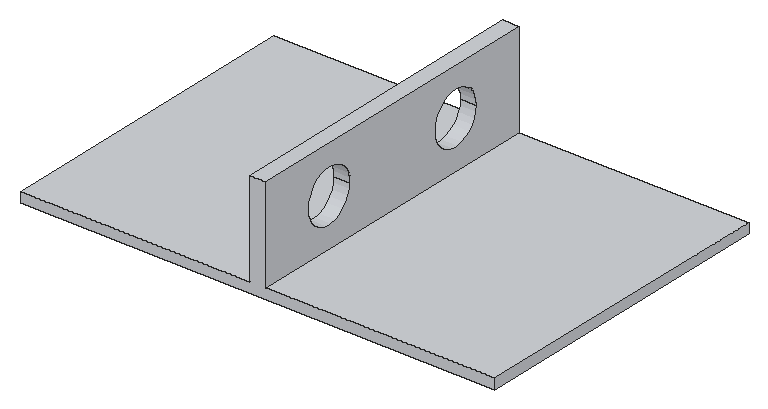
Revit family "KLS - metal join_floor", category Generic Models, host Floor, Revit 2014
Parameters
  width_middle = 15 mm
  width_floor = 450 mm
  material = none
  length = 300 mm
  hole radius = 25 mm
  height_from floor = 10 mm
  height middle = 90 mm
Reference planes
  plane 1 "Center (Front/Back)": y = 0
  plane 2: z = 0
  plane 3 "Center (Left/Right)": x = 0
  plane 4: x = -7.5
  plane 5: x = 7.5
  plane 6: z = 10
  plane 7: x = -225
  plane 8: x = 225
  plane 9: z = 100
  plane 10: y = 150
  plane 11: y = -150
  plane 12: y = -75
  plane 13: y = 75
  plane 14: z = 55
Forms (mm)
  Extrusion 1, solid, material <- "material"
    sketch origin (0, 0, 0) x (1, 0, 0) y (0, 0, 1)
      loop
        line (-225, 0) -> (225, 0) -> (225, 10) -> (7.5, 10) -> (7.5, 100) -> (-7.5, 100) -> (-7.5, 10) -> (-225, 10) -> (-225, 0)
    from -150 to 150
  Extrusion 2, void
    sketch origin (0, 0, 0) x (0, 1, 0) y (0, 0, 1)
      loop
        circle (75, 55) r 25
      loop
        circle (-75, 55) r 25
    from -7.5 to 7.5
Cuts and joins
  Extrusion 2 cuts Extrusion 1
Dimensions and locks
  equal spacing: plane 10, plane 1 "Center (Front/Back)", plane 11
  "length": plane 10 to plane 11
  equal spacing: plane 5, plane 3 "Center (Left/Right)", plane 4
  "width_middle": plane 5 to plane 4
  equal spacing: plane 8, plane 3 "Center (Left/Right)", plane 7
  "width_floor": plane 8 to plane 7
  "height_from floor": plane 6 to level
  "height middle": plane 9 to plane 6
  plane 10 to plane 13 to plane 1 "Center (Front/Back)" to plane 12 to plane 11 = 75 mm, 75 mm, 75 mm, 75 mm
  equal spacing: plane 9, plane 14, plane 6
  "hole radius": radius of Extrusion 2 sketch curve  (x2)
  aligned and locked: level to plane 2
  aligned and locked: plane 10 to Extrusion 1
  aligned and locked: Extrusion 1 to plane 11
  aligned and locked: Extrusion 2 to plane 4
  aligned and locked: plane 5 to Extrusion 2
Automatic sketch dimensions
  Extrusion 1 sketch curve to level = 0 mm
  Extrusion 1 sketch curve to plane 7 = 0 mm
  Extrusion 1 sketch curve to plane 4 = 0 mm
  Extrusion 1 sketch curve to plane 5 = 0 mm
  Extrusion 1 sketch curve to plane 8 = 0 mm
  Extrusion 1 sketch curve to plane 6 = 0 mm  (x2)
  Extrusion 1 sketch curve to plane 9 = 0 mm
  Extrusion 2 sketch curve to plane 12 = 0 mm
  Extrusion 2 sketch curve to plane 13 = 0 mm
  Extrusion 2 sketch curve to plane 14 = 0 mm  (x2)
